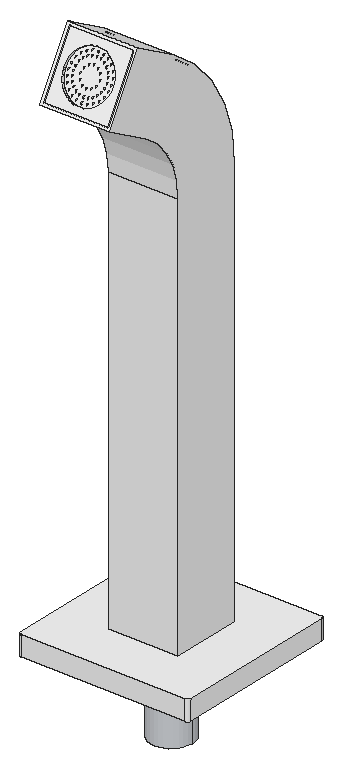
Revit family "Reece_Tap_Mizu_Bloc_Bath Outlet_200 mm", category Plumbing Fixtures, host Face, Revit 2018
Family settings
  Host = Face
  Round Connector Dimension = Use Diameter
  Part Type = Normal
  Cut with Voids When Loaded = No
  Shared = Yes
  Room Calculation Point = Yes
Parameters (values of type "Chrome")
  WFU = 0  # constant formula
  URL = "https://www.reece.com.au/product/-9503477"
  Type Comments = "Tap"
  Reece_Tap_Reach = 200 mm  # constant formula
  Reece_Tap_Inlet = 12.5 mm  # constant formula
  Reece_Product_Web Page = "https://www.reece.com.au/product/-9503477"
  Reece_Product_Type = "Tap"  # constant formula
  Reece_Product_Sub Brand = "Bloc"  # constant formula
  Reece_Product_Number = "9503477"
  Reece_Product_Mount = "Wall Mounted"
  Reece_Product_Description = "Mizu Bloc Bath Outlet 200mm Chrome"
  Reece_Product_Brand = "Mizu"  # constant formula
  Reece_Overall_Width = 61 mm  # constant formula
  Reece_Material-Main = Reece_Brass_Chrome
  Reece_Detail_Installation = ""
  Reece_Detail_Disclaimer = "THIS FILE IS THE PROPERTY OF THE REECE GROUP. IT MAY NOT BE REPRODUCED, REVERSE-ENGINEERED OR MODIFIED. ANY REPUBLICATION, TRANSMISSION OR DISTRIBUTION FOR THE PURPOSE OF COMMERCIALLY EXPLOITING THE FILES IS PROHIBITED."  # constant formula
  Reece_Detail_Connector = ""
  Reece_Detail_Additional = "Bath Outlet"  # constant formula
  Model = "Bloc"
  Manufacturer = "Mizu"
  Keynote = "Product #9503477, Reece_Tap_Mizu_Bloc_Bath Outlet_200 mm - Chrome"
  HWFU = 0  # constant formula
  Disclaimer = "THIS FILE IS THE PROPERTY OF THE REECE GROUP. IT MAY NOT BE REPRODUCED, REVERSE-ENGINEERED OR MODIFIED. ANY REPUBLICATION, TRANSMISSION OR DISTRIBUTION FOR THE PURPOSE OF COMMERCIALLY EXPLOITING THE FILES IS PROHIBITED."  # constant formula
  Description = "Mizu Bloc Bath Outlet 200mm Chrome"
  Default Elevation = 1000 mm
  CWFU = 0  # constant formula
Types (2, lengths in mm): name | Keynote
  (no name) | "Product #9503477, Reece_Tap_Mizu_Bloc_Bath Outlet_200 mm -  "
  Chrome | "Product #9503477, Reece_Tap_Mizu_Bloc_Bath Outlet_200 mm - Chrome"
Reference planes
  plane 1 "Center (Front/Back)": y = 0
  plane 2 "Bottom": z = 0
  plane 3 "Center (Left/Right)": x = 0
  plane 4 "Top": z = 200
  plane 5: x = -30.5
  plane 6: x = 30.5
  plane 7: y = 30.5
  plane 8: y = -30.5
  plane 9: z = 7.2
  plane 10: y = -37
  plane 11: y = 12.5
  plane 12: y = -12.5
  plane 13: x = -12.5
  plane 14: x = 12.5
  plane 15: through (0, -21.439, 190.915) normal (0, 0.496, 0.8683)
Forms (mm)
  Extrusion 1, solid, material "Reece_Brass_Chrome" <- "Reece_Material-Main"
    sketch origin (0, 0, 0) x (1, 0, 0) y (0, 1, 0)
      loop
        line (29.3, 30.5) -> (-29.3, 30.5)
        arc (-29.3, 30.5) -> (-30.149, 30.149) -> (-30.5, 29.3) r 1.2
        line (-30.5, 29.3) -> (-30.5, -29.3)
        arc (-30.5, -29.3) -> (-30.149, -30.149) -> (-29.3, -30.5) r 1.2
        line (-29.3, -30.5) -> (29.3, -30.5)
        arc (29.3, -30.5) -> (30.149, -30.149) -> (30.5, -29.3) r 1.2
        line (30.5, -29.3) -> (30.5, 29.3)
        arc (30.5, 29.3) -> (30.149, 30.149) -> (29.3, 30.5) r 1.2
    from 0 to 7.2
  Sweep 2, solid, material "Reece_Brass_Chrome" <- "Reece_Material-Main"
    path origin (0, 0, 0) x (0, 1, 0) y (0, 0, 1)
      loop
        line (0, 0) -> (0, 154.152)
        arc (0, 154.152) -> (-5.587, 175.131) -> (-20.868, 190.554) r 42.184
        line (-20.868, 190.554) -> (-37, 200)
    profile origin (0, 0, 77.076) x (0, -1, 0) y (1, 0, 0)
      loop
        line (-12.5, -12.5) -> (12.5, -12.5) -> (12.5, 12.5) -> (-12.5, 12.5) -> (-12.5, -12.5)
      loop
        line (-11.5, -11.5) -> (11.5, -11.5) -> (11.5, 11.5) -> (-11.5, 11.5) -> (-11.5, -11.5)
  Extrusion 3, void
    sketch origin (0, 0, 0) x (1, 0, 0) y (0, 1, 0)
      loop
        circle (0, 0) r 20
    from 7.2 to -15.87
  Extrusion 4, void
    sketch origin (0, 0, 0) x (1, 0, 0) y (0, 1, 0)
      loop
        line (10.5, 10.5) -> (-10.5, 10.5) -> (-10.5, -10.5) -> (10.5, -10.5) -> (10.5, 10.5)
    from -7.819 to 6.228
  Extrusion 5, solid, material "Reece_Brass_Chrome" <- "Reece_Material-Main"
    sketch origin (0, 0, 0) x (0, 1, 0) y (0, 0, 1)
      loop
        line (-31.055, 209.845) -> (-42.677, 189.998) -> (-40.951, 188.987) -> (-29.329, 208.835) -> (-31.055, 209.845)
    from -11.5 to 11.5
  Extrusion 6, void
    sketch origin (0, 190.525, 140.583) x (1, 0, 0) y (0, 0.495999, 0.868323)
      loop
        circle (0, -57.915) r 0.3
    from 223.944 to 250
  Extrusion 7, void
    sketch origin (0, 129.604, 33.932) x (-1, 0, 0) y (0, -0.495999, -0.868323)
      loop
        circle (0, -57.915) r 0.3
    from 223.944 to 250
  Extrusion 8, void
    sketch origin (30.576, 186.462, 133.47) x (0.866025, -0.247999, -0.434162) y (0.5, 0.429547, 0.75199)
      loop
        circle (0, -57.915) r 0.3
    from 223.944 to 250
  Extrusion 9, void
    sketch origin (53.093, 175.348, 114.014) x (0.5, -0.429547, -0.75199) y (0.866025, 0.247999, 0.434162)
      loop
        circle (0, -57.915) r 0.3
    from 223.944 to 250
  Extrusion 10, void
    sketch origin (61.408, 160.057, 87.243) x (0, -0.495999, -0.868323) y (1, 0, 0)
      loop
        circle (0, -57.915) r 0.3
    from 223.944 to 250
  Extrusion 11, void
    sketch origin (53.101, 144.775, 60.492) x (-0.5, -0.429547, -0.75199) y (0.866025, -0.247999, -0.434162)
      loop
        circle (0, -57.915) r 0.3
    from 223.944 to 250
  Extrusion 12, void
    sketch origin (30.593, 133.663, 41.038) x (-0.866025, -0.247999, -0.434162) y (0.5, -0.429547, -0.75199)
      loop
        circle (0, -57.915) r 0.3
    from 223.944 to 250
  Extrusion 13, void
    sketch origin (-30.576, 186.462, 133.47) x (-0.866025, -0.247999, -0.434162) y (0.5, -0.429547, -0.75199)
      loop
        circle (0, 57.915) r 0.3
    from 223.944 to 250
  Extrusion 14, void
    sketch origin (-53.093, 175.348, 114.014) x (-0.5, -0.429547, -0.75199) y (0.866025, -0.247999, -0.434162)
      loop
        circle (0, 57.915) r 0.3
    from 223.944 to 250
  Extrusion 15, void
    sketch origin (-61.408, 160.057, 87.243) x (0, -0.495999, -0.868323) y (1, 0, 0)
      loop
        circle (0, 57.915) r 0.3
    from 223.944 to 250
  Extrusion 16, void
    sketch origin (-53.101, 144.775, 60.492) x (0.5, -0.429547, -0.75199) y (0.866025, 0.247999, 0.434162)
      loop
        circle (0, 57.915) r 0.3
    from 223.944 to 250
  Extrusion 17, void
    sketch origin (-30.593, 133.663, 41.038) x (0.866025, -0.247999, -0.434162) y (0.5, 0.429547, 0.75199)
      loop
        circle (0, 57.915) r 0.3
    from 223.944 to 250
  Extrusion 18, void
    sketch origin (0, -87.197, -1.852) x (1, 0, 0) y (0, 0.495999, 0.868323)
      loop
        circle (0, 200) r 9
    from 55.54 to 61.58
  Extrusion 19, void
    sketch origin (0, 206.272, 132.954) x (1, 0, 0) y (0, 0.500368, 0.865813)
      loop
        circle (0, -57.834) r 0.3
    from 241.124 to 250
  Extrusion 20, void
    sketch origin (0, 142.391, 22.418) x (-1, 0, 0) y (0, -0.500368, -0.865813)
      loop
        circle (0, -57.834) r 0.3
    from 240.757 to 250
  Extrusion 21, void
    sketch origin (16.521, 205.184, 131.071) x (0.965926, -0.129505, -0.224089) y (0.258819, 0.483319, 0.836311)
      loop
        circle (0, -57.834) r 0.3
    from 241.124 to 250
  Extrusion 22, void
    sketch origin (31.917, 201.993, 125.55) x (0.866025, -0.250184, -0.432906) y (0.5, 0.433332, 0.749816)
      loop
        circle (0, -57.834) r 0.3
    from 241.124 to 250
  Extrusion 23, void
    sketch origin (45.137, 196.917, 116.766) x (0.707107, -0.353814, -0.612222) y (0.707107, 0.353814, 0.612222)
      loop
        circle (0, -57.834) r 0.3
    from 241.124 to 250
  Extrusion 24, void
    sketch origin (55.282, 190.302, 105.32) x (0.5, -0.433332, -0.749816) y (0.866025, 0.250184, 0.432906)
      loop
        circle (0, -57.834) r 0.3
    from 241.124 to 250
  Extrusion 25, void
    sketch origin (61.659, 182.599, 91.99) x (0.258819, -0.483319, -0.836311) y (0.965926, 0.129505, 0.224089)
      loop
        circle (0, -57.834) r 0.3
    from 241.11 to 250
  Extrusion 26, void
    sketch origin (63.834, 174.332, 77.686) x (0, -0.500368, -0.865813) y (1, 0, 0)
      loop
        circle (0, -57.834) r 0.3
    from 241.332 to 250
  Extrusion 27, void
    sketch origin (61.659, 166.065, 63.382) x (-0.258819, -0.483319, -0.836311) y (0.965926, -0.129505, -0.224089)
      loop
        circle (0, -57.834) r 0.3
    from 240.945 to 250
  Extrusion 28, void
    sketch origin (55.282, 158.362, 50.052) x (-0.5, -0.433332, -0.749816) y (0.866025, -0.250184, -0.432906)
      loop
        circle (0, -57.834) r 0.3
    from 240.889 to 250
  Extrusion 29, void
    sketch origin (45.137, 151.747, 38.606) x (-0.707107, -0.353814, -0.612222) y (0.707107, -0.353814, -0.612222)
      loop
        circle (0, -57.834) r 0.3
    from 240.788 to 250
  Extrusion 30, void
    sketch origin (31.917, 146.671, 29.823) x (-0.866025, -0.250184, -0.432906) y (0.5, -0.433332, -0.749816)
      loop
        circle (0, -57.834) r 0.3
    from 240.788 to 250
  Extrusion 31, void
    sketch origin (16.521, 143.48, 24.301) x (-0.965926, -0.129505, -0.224089) y (0.258819, -0.483319, -0.836311)
      loop
        circle (0, -57.834) r 0.3
    from 240.757 to 250
  Extrusion 32, void
    sketch origin (-16.521, 205.184, 131.071) x (-0.965926, -0.129505, -0.224089) y (0.258819, -0.483319, -0.836311)
      loop
        circle (0, 57.834) r 0.3
    from 241.124 to 250
  Extrusion 33, void
    sketch origin (-31.917, 201.993, 125.55) x (-0.866025, -0.250184, -0.432906) y (0.5, -0.433332, -0.749816)
      loop
        circle (0, 57.834) r 0.3
    from 241.124 to 250
  Extrusion 34, void
    sketch origin (-45.137, 196.917, 116.766) x (-0.707107, -0.353814, -0.612222) y (0.707107, -0.353814, -0.612222)
      loop
        circle (0, 57.834) r 0.3
    from 241.124 to 250
  Extrusion 35, void
    sketch origin (-55.282, 190.302, 105.32) x (-0.5, -0.433332, -0.749816) y (0.866025, -0.250184, -0.432906)
      loop
        circle (0, 57.834) r 0.3
    from 241.124 to 250
  Extrusion 36, void
    sketch origin (-61.659, 182.599, 91.99) x (-0.258819, -0.483319, -0.836311) y (0.965926, -0.129505, -0.224089)
      loop
        circle (0, 57.834) r 0.3
    from 241.11 to 250
  Extrusion 37, void
    sketch origin (-63.834, 174.332, 77.686) x (0, -0.500368, -0.865813) y (1, 0, 0)
      loop
        circle (0, 57.834) r 0.3
    from 241.332 to 250
  Extrusion 38, void
    sketch origin (-61.659, 166.065, 63.382) x (0.258819, -0.483319, -0.836311) y (0.965926, 0.129505, 0.224089)
      loop
        circle (0, 57.834) r 0.3
    from 240.945 to 250
  Extrusion 39, void
    sketch origin (-55.282, 158.362, 50.052) x (0.5, -0.433332, -0.749816) y (0.866025, 0.250184, 0.432906)
      loop
        circle (0, 57.834) r 0.3
    from 240.889 to 250
  Extrusion 40, void
    sketch origin (-45.137, 151.747, 38.606) x (0.707107, -0.353814, -0.612222) y (0.707107, 0.353814, 0.612222)
      loop
        circle (0, 57.834) r 0.3
    from 240.788 to 250
  Extrusion 41, void
    sketch origin (-31.917, 146.671, 29.823) x (0.866025, -0.250184, -0.432906) y (0.5, 0.433332, 0.749816)
      loop
        circle (0, 57.834) r 0.3
    from 240.788 to 250
  Extrusion 42, void
    sketch origin (-16.521, 143.48, 24.301) x (0.965926, -0.129505, -0.224089) y (0.258819, 0.483319, 0.836311)
      loop
        circle (0, 57.834) r 0.3
    from 240.757 to 250
  Extrusion 43, void
    sketch origin (16.313, 205.266, 126.365) x (0.965926, -0.132367, -0.22241) y (0.258819, 0.494, 0.830046)
      loop
        circle (0, -55.359) r 0.3
    from 241.124 to 250
  Extrusion 44, void
    sketch origin (31.514, 202.046, 120.954) x (0.866025, -0.255713, -0.429663) y (0.5, 0.442909, 0.744199)
      loop
        circle (0, -55.359) r 0.3
    from 241.124 to 250
  Extrusion 45, void
    sketch origin (44.568, 196.923, 112.346) x (0.707107, -0.361633, -0.607636) y (0.707107, 0.361633, 0.607636)
      loop
        circle (0, -55.359) r 0.3
    from 241.124 to 250
  Extrusion 46, void
    sketch origin (0, 206.364, 128.21) x (-1, 0, 0) y (0, -0.511427, -0.859327)
      loop
        circle (0, 55.359) r 0.3
    from 241.124 to 250
  Extrusion 47, void
    sketch origin (-16.313, 205.266, 126.365) x (-0.965926, -0.132367, -0.22241) y (0.258819, -0.494, -0.830046)
      loop
        circle (0, 55.359) r 0.3
    from 241.124 to 250
  Extrusion 48, void
    sketch origin (-63.028, 174.13, 74.048) x (0, 0.511427, 0.859327) y (-1, 0, 0)
      loop
        circle (0, -55.359) r 0.3
    from 241.124 to 250
  Extrusion 49, void
    sketch origin (-31.514, 202.046, 120.954) x (0.866025, 0.255713, 0.429663) y (-0.5, 0.442909, 0.744199)
      loop
        circle (0, -55.359) r 0.3
    from 241.124 to 250
  Extrusion 50, void
    sketch origin (-60.88, 165.787, 60.03) x (-0.258819, 0.494, 0.830046) y (-0.965926, -0.132367, -0.22241)
      loop
        circle (0, -55.359) r 0.3
    from 241.124 to 250
  Extrusion 51, void
    sketch origin (-60.88, 182.473, 88.066) x (0.258819, 0.494, 0.830046) y (-0.965926, 0.132367, 0.22241)
      loop
        circle (0, -55.359) r 0.3
    from 241.124 to 250
  Extrusion 52, void
    sketch origin (-54.584, 190.247, 101.129) x (0.5, 0.442909, 0.744199) y (-0.866025, 0.255713, 0.429663)
      loop
        circle (0, -55.359) r 0.3
    from 241.124 to 250
  Extrusion 53, void
    sketch origin (-44.568, 196.923, 112.346) x (0.707107, 0.361633, 0.607636) y (-0.707107, 0.361633, 0.607636)
      loop
        circle (0, -55.359) r 0.3
    from 241.124 to 250
  Extrusion 54, void
    sketch origin (-44.568, 151.337, 35.75) x (-0.707107, 0.361633, 0.607636) y (-0.707107, -0.361633, -0.607636)
      loop
        circle (0, -55.359) r 0.3
    from 241.124 to 250
  Extrusion 55, void
    sketch origin (54.584, 190.247, 101.129) x (0.5, -0.442909, -0.744199) y (0.866025, 0.255713, 0.429663)
      loop
        circle (0, -55.359) r 0.3
    from 241.124 to 250
  Extrusion 56, void
    sketch origin (-54.584, 158.013, 46.967) x (-0.5, 0.442909, 0.744199) y (-0.866025, -0.255713, -0.429663)
      loop
        circle (0, -55.359) r 0.3
    from 241.124 to 250
  Extrusion 57, void
    sketch origin (60.88, 182.473, 88.066) x (0.258819, -0.494, -0.830046) y (0.965926, 0.132367, 0.22241)
      loop
        circle (0, -55.359) r 0.3
    from 241.124 to 250
  Extrusion 58, void
    sketch origin (63.028, 174.13, 74.048) x (0, -0.511427, -0.859327) y (1, 0, 0)
      loop
        circle (0, -55.359) r 0.3
    from 241.124 to 250
  Extrusion 59, void
    sketch origin (60.88, 165.787, 60.03) x (-0.258819, -0.494, -0.830046) y (0.965926, -0.132367, -0.22241)
      loop
        circle (0, -55.359) r 0.3
    from 241.124 to 250
  Extrusion 60, void
    sketch origin (54.584, 158.013, 46.967) x (-0.5, -0.442909, -0.744199) y (0.866025, -0.255713, -0.429663)
      loop
        circle (0, -55.359) r 0.3
    from 241.124 to 250
  Extrusion 61, void
    sketch origin (44.568, 151.337, 35.75) x (-0.707107, -0.361633, -0.607636) y (0.707107, -0.361633, -0.607636)
      loop
        circle (0, -55.359) r 0.3
    from 241.124 to 250
  Extrusion 62, void
    sketch origin (31.514, 146.214, 27.143) x (-0.866025, -0.255713, -0.429663) y (0.5, -0.442909, -0.744199)
      loop
        circle (0, -55.359) r 0.3
    from 241.124 to 250
  Extrusion 63, void
    sketch origin (16.313, 142.994, 21.732) x (-0.965926, -0.132367, -0.22241) y (0.258819, -0.494, -0.830046)
      loop
        circle (0, -55.359) r 0.3
    from 241.124 to 250
  Extrusion 64, void
    sketch origin (0, 141.896, 19.887) x (-1, 0, 0) y (0, -0.511427, -0.859327)
      loop
        circle (0, -55.359) r 0.3
    from 241.124 to 250
  Extrusion 65, void
    sketch origin (-16.313, 142.994, 21.732) x (-0.965926, 0.132367, 0.22241) y (-0.258819, -0.494, -0.830046)
      loop
        circle (0, -55.359) r 0.3
    from 241.124 to 250
  Extrusion 66, void
    sketch origin (-31.514, 146.214, 27.143) x (-0.866025, 0.255713, 0.429663) y (-0.5, -0.442909, -0.744199)
      loop
        circle (0, -55.359) r 0.3
    from 241.124 to 250
  Revolve 67, solid
    sketch origin (100.792, -0.025, -0.807) x (1, 0, 0) y (0, 0, 1)
      loop
        line (-93.216, -27.341) -> (-93.216, -10.2) -> (-91.918, -8.9) -> (-91.918, -4.355) -> (-90.623, -4.355) -> (-90.623, 6.627) -> (-100.792, 6.627) -> (-100.792, -27.341) -> (-93.216, -27.341)
      axis (-100.792, 6.627) -> (-100.792, -27.341)
    angle from 0 to 360
Cuts and joins
  Extrusion 4 cuts Extrusion 1
  Extrusion 11, Extrusion 24 cuts Sweep 2
  joined: Extrusion 1, Sweep 2
  Extrusion 6, Extrusion 7, Extrusion 8, Extrusion 9, Extrusion 10, Extrusion 11, Extrusion 12, Extrusion 13, Extrusion 14, Extrusion 15, Extrusion 16, Extrusion 17, Extrusion 18, Extrusion 19, Extrusion 20, Extrusion 21, Extrusion 22, Extrusion 23, Extrusion 24, Extrusion 25, Extrusion 26, Extrusion 27, Extrusion 28, Extrusion 29, Extrusion 30, Extrusion 31, Extrusion 32, Extrusion 33, Extrusion 34, Extrusion 35, Extrusion 36, Extrusion 37, Extrusion 38, Extrusion 39, Extrusion 40, Extrusion 41, Extrusion 42, Extrusion 43, Extrusion 44, Extrusion 45, Extrusion 46, Extrusion 47, Extrusion 48, Extrusion 49, Extrusion 50, Extrusion 51, Extrusion 52, Extrusion 53, Extrusion 54, Extrusion 55, Extrusion 56, Extrusion 57, Extrusion 58, Extrusion 59, Extrusion 60, Extrusion 61, Extrusion 62, Extrusion 63, Extrusion 64, Extrusion 65, Extrusion 66 cuts Extrusion 5
Text (mm)
  text "Reece Copyright © 2018, Reece Ltd." at (12.443, -188.077, 0), in view "Ref. Level"
  text "Reece ©" at (44.384, 258.95, 192.345), in view "Reece Preview"
Dimensions and locks
  "Reece_Overall_Width": plane 5 to plane 6
  plane 7 to plane 8 = 61 mm  (x2)
  plane 9 to plane 2 "Bottom" = 7.2 mm  (x3)
  plane 1 "Center (Front/Back)" to plane 10 = 37 mm
  plane 6 to plane 5 = 61 mm
  plane 14 to plane 13 = 25 mm
  "Reece_Tap_Reach": plane 4 "Top" to plane 2 "Bottom"  (x2)
  plane 2 "Bottom" to plane 4 "Top" = 200 mm
  plane 2 "Bottom" to plane 9 = 7.2 mm
  plane 11 to plane 12 = 25 mm
  plane 10 to plane 1 "Center (Front/Back)" = 37 mm
  plane 8 to plane 7 = 61 mm
  plane 12 to plane 11 = 25 mm
  plane 5 to plane 6 = 61 mm
  plane 13 to plane 14 = 25 mm
  aligned and locked: plane 2 "Bottom" to host face
  aligned and locked: level to host face
  aligned and locked: plane 9 to Extrusion 1
Automatic sketch dimensions
  host sketch curve to host sketch curve = 380.785 mm
  host sketch curve to host sketch curve = 317.421 mm
  Extrusion 1 sketch curve to plane 5 = 0 mm
  plane 8 to Extrusion 1 sketch curve = 0 mm
  Extrusion 1 sketch curve to plane 7 = 0 mm
  Extrusion 1 sketch curve to plane 6 = 0 mm
  Extrusion 1 sketch curve to plane 5 = 1.2 mm  (x2)
  Extrusion 1 sketch curve to plane 6 = 1.2 mm  (x2)
  Sweep 2 sketch curve to plane 4 "Top" = 0 mm
  Sweep 2 sketch curve to plane 10 = 0 mm
  Sweep 2 sketch curve to plane 1 "Center (Front/Back)" = 0 mm
  level to Sweep 2 sketch curve = 0 mm
  Sweep 2 sketch curve to plane 10 = 5.184 mm
  Sweep 2 sketch curve to plane 12 = 8.368 mm
  Sweep 2 sketch curve to plane 4 "Top" = 45.848 mm
  profile plane to Sweep 2 sketch curve = 12.5 mm
  Sweep 2 sketch curve to Sweep 2 sketch curve = 1 mm  (x4)
  Sweep 2 sketch curve to profile plane = 11.5 mm
  Sweep 2 sketch curve to plane 3 "Center (Left/Right)" = 12.5 mm
  plane 3 "Center (Left/Right)" to Sweep 2 sketch curve = 11.5 mm
  Extrusion 4 sketch curve to plane 13 = 2 mm
  Extrusion 4 sketch curve to plane 14 = 2 mm
  plane 12 to Extrusion 4 sketch curve = 2 mm
  plane 11 to Extrusion 4 sketch curve = 2 mm
  Extrusion 5 sketch curve to plane 10 = 5.677 mm
  Extrusion 5 sketch curve to Extrusion 5 sketch curve = 1.726 mm
  plane 8 to Extrusion 5 sketch curve = 0.555 mm
  Extrusion 5 sketch curve to plane 4 "Top" = 11.013 mm
  Extrusion 5 sketch curve to Extrusion 5 sketch curve = 1.011 mm
  Extrusion 6 sketch curve to plane 3 "Center (Left/Right)" = 0 mm
  plane 15 to Extrusion 6 sketch curve = 3.514 mm
  Extrusion 7 sketch curve to plane 3 "Center (Left/Right)" = 0 mm
  Extrusion 7 sketch curve to plane 15 = 3.48 mm
  plane 3 "Center (Left/Right)" to Extrusion 8 sketch curve = 1.619 mm
  plane 15 to Extrusion 8 sketch curve = 3.081 mm
  plane 15 to Extrusion 9 sketch curve = 1.874 mm
  plane 3 "Center (Left/Right)" to Extrusion 9 sketch curve = 2.937 mm
  plane 15 to Extrusion 10 sketch curve = 0.001 mm
  plane 3 "Center (Left/Right)" to Extrusion 10 sketch curve = 3.493 mm
  Extrusion 11 sketch curve to plane 15 = 1.85 mm
  plane 3 "Center (Left/Right)" to Extrusion 11 sketch curve = 2.945 mm
  plane 3 "Center (Left/Right)" to Extrusion 12 sketch curve = 1.635 mm
  Extrusion 12 sketch curve to plane 15 = 3.056 mm
  Extrusion 13 sketch curve to plane 3 "Center (Left/Right)" = 1.619 mm
  plane 15 to Extrusion 13 sketch curve = 3.081 mm
  plane 15 to Extrusion 14 sketch curve = 1.874 mm
  Extrusion 14 sketch curve to plane 3 "Center (Left/Right)" = 2.937 mm
  plane 15 to Extrusion 15 sketch curve = 0.001 mm
  Extrusion 15 sketch curve to plane 3 "Center (Left/Right)" = 3.493 mm
  Extrusion 16 sketch curve to plane 15 = 1.85 mm
  Extrusion 16 sketch curve to plane 3 "Center (Left/Right)" = 2.945 mm
  Extrusion 17 sketch curve to plane 3 "Center (Left/Right)" = 1.635 mm
  Extrusion 17 sketch curve to plane 15 = 3.056 mm
  Extrusion 18 sketch curve to plane 3 "Center (Left/Right)" = 0 mm
  Extrusion 18 sketch curve to plane 15 = 0 mm
  Extrusion 19 sketch curve to plane 3 "Center (Left/Right)" = 0 mm
  Extrusion 20 sketch curve to plane 3 "Center (Left/Right)" = 0 mm
  plane 3 "Center (Left/Right)" to Extrusion 21 sketch curve = 1.553 mm
  plane 3 "Center (Left/Right)" to Extrusion 22 sketch curve = 3 mm
  plane 3 "Center (Left/Right)" to Extrusion 23 sketch curve = 4.243 mm
  plane 3 "Center (Left/Right)" to Extrusion 24 sketch curve = 5.196 mm
  plane 3 "Center (Left/Right)" to Extrusion 25 sketch curve = 5.796 mm
  plane 3 "Center (Left/Right)" to Extrusion 26 sketch curve = 6 mm
  plane 3 "Center (Left/Right)" to Extrusion 27 sketch curve = 5.796 mm
  plane 3 "Center (Left/Right)" to Extrusion 28 sketch curve = 5.196 mm
  plane 3 "Center (Left/Right)" to Extrusion 29 sketch curve = 4.243 mm
  plane 3 "Center (Left/Right)" to Extrusion 30 sketch curve = 3 mm
  plane 3 "Center (Left/Right)" to Extrusion 31 sketch curve = 1.553 mm
  Extrusion 32 sketch curve to plane 3 "Center (Left/Right)" = 1.553 mm
  Extrusion 33 sketch curve to plane 3 "Center (Left/Right)" = 3 mm
  Extrusion 34 sketch curve to plane 3 "Center (Left/Right)" = 4.243 mm
  Extrusion 35 sketch curve to plane 3 "Center (Left/Right)" = 5.196 mm
  Extrusion 36 sketch curve to plane 3 "Center (Left/Right)" = 5.796 mm
  Extrusion 37 sketch curve to plane 3 "Center (Left/Right)" = 6 mm
  Extrusion 38 sketch curve to plane 3 "Center (Left/Right)" = 5.796 mm
  Extrusion 39 sketch curve to plane 3 "Center (Left/Right)" = 5.196 mm
  Extrusion 40 sketch curve to plane 3 "Center (Left/Right)" = 4.243 mm
  Extrusion 41 sketch curve to plane 3 "Center (Left/Right)" = 3 mm
  Extrusion 42 sketch curve to plane 3 "Center (Left/Right)" = 1.553 mm
  plane 3 "Center (Left/Right)" to Extrusion 43 sketch curve = 1.985 mm
  plane 3 "Center (Left/Right)" to Extrusion 44 sketch curve = 3.835 mm
  plane 3 "Center (Left/Right)" to Extrusion 45 sketch curve = 5.423 mm
  Extrusion 46 sketch curve to plane 3 "Center (Left/Right)" = 0 mm
  Extrusion 47 sketch curve to plane 3 "Center (Left/Right)" = 1.985 mm
  Extrusion 48 sketch curve to plane 13 = 4.831 mm
  Extrusion 49 sketch curve to plane 3 "Center (Left/Right)" = 3.835 mm
  Extrusion 50 sketch curve to plane 13 = 5.092 mm
  Extrusion 51 sketch curve to plane 13 = 5.092 mm
  Extrusion 52 sketch curve to plane 13 = 5.858 mm
  Extrusion 53 sketch curve to plane 3 "Center (Left/Right)" = 5.423 mm
  Extrusion 54 sketch curve to plane 3 "Center (Left/Right)" = 5.423 mm
  Extrusion 55 sketch curve to plane 14 = 5.858 mm
  Extrusion 56 sketch curve to plane 13 = 5.858 mm
  Extrusion 57 sketch curve to plane 14 = 5.092 mm
  Extrusion 58 sketch curve to plane 14 = 4.831 mm
  Extrusion 59 sketch curve to plane 14 = 5.092 mm
  Extrusion 60 sketch curve to plane 14 = 5.858 mm
  plane 3 "Center (Left/Right)" to Extrusion 61 sketch curve = 5.423 mm
  plane 3 "Center (Left/Right)" to Extrusion 62 sketch curve = 3.835 mm
  plane 3 "Center (Left/Right)" to Extrusion 63 sketch curve = 1.985 mm
  Extrusion 64 sketch curve to plane 3 "Center (Left/Right)" = 0 mm
  Extrusion 65 sketch curve to plane 3 "Center (Left/Right)" = 1.985 mm
  Extrusion 66 sketch curve to plane 3 "Center (Left/Right)" = 3.835 mm
  Revolve 67 sketch curve to plane 3 "Center (Left/Right)" = 0 mm  (x2)
  Revolve 67 sketch curve to plane 14 = 4.924 mm
  Revolve 67 sketch curve to plane 14 = 3.626 mm
  Revolve 67 sketch curve to plane 14 = 2.331 mm  (x2)
  Revolve 67 sketch curve to level = 28.149 mm
  Revolve 67 sketch curve to level = 11.007 mm
  Revolve 67 sketch curve to Revolve 67 sketch curve = 1.3 mm
  Revolve 67 sketch curve to level = 5.162 mm
  Revolve 67 sketch curve to plane 9 = 1.38 mm
  Revolve 67 sketch curve to Revolve 67 sketch curve = 11.547 mm
  plane 9 to Revolve 67 sketch curve = 21.784 mm
  plane 1 "Center (Front/Back)" to Extrusion 3 sketch curve = 0 mm
  Extrusion 3 sketch curve to plane 3 "Center (Left/Right)" = 0 mm
  radius of Extrusion 6 sketch curve = 0.3 mm
  radius of Extrusion 7 sketch curve = 0.3 mm
  radius of Extrusion 8 sketch curve = 0.3 mm
  radius of Extrusion 9 sketch curve = 0.3 mm
  radius of Extrusion 10 sketch curve = 0.3 mm
  radius of Extrusion 11 sketch curve = 0.3 mm
  radius of Extrusion 12 sketch curve = 0.3 mm
  radius of Extrusion 13 sketch curve = 0.3 mm
  radius of Extrusion 14 sketch curve = 0.3 mm
  radius of Extrusion 15 sketch curve = 0.3 mm
  radius of Extrusion 16 sketch curve = 0.3 mm
  radius of Extrusion 17 sketch curve = 0.3 mm
  radius of Extrusion 18 sketch curve = 9 mm
  radius of Extrusion 19 sketch curve = 0.3 mm
  radius of Extrusion 20 sketch curve = 0.3 mm
  radius of Extrusion 21 sketch curve = 0.3 mm
  radius of Extrusion 22 sketch curve = 0.3 mm
  radius of Extrusion 23 sketch curve = 0.3 mm
  radius of Extrusion 24 sketch curve = 0.3 mm
  radius of Extrusion 25 sketch curve = 0.3 mm
  radius of Extrusion 26 sketch curve = 0.3 mm
  radius of Extrusion 27 sketch curve = 0.3 mm
  radius of Extrusion 28 sketch curve = 0.3 mm
  radius of Extrusion 29 sketch curve = 0.3 mm
  radius of Extrusion 30 sketch curve = 0.3 mm
  radius of Extrusion 31 sketch curve = 0.3 mm
  radius of Extrusion 32 sketch curve = 0.3 mm
  radius of Extrusion 33 sketch curve = 0.3 mm
  radius of Extrusion 34 sketch curve = 0.3 mm
  radius of Extrusion 35 sketch curve = 0.3 mm
  radius of Extrusion 36 sketch curve = 0.3 mm
  radius of Extrusion 37 sketch curve = 0.3 mm
  radius of Extrusion 38 sketch curve = 0.3 mm
  radius of Extrusion 39 sketch curve = 0.3 mm
  radius of Extrusion 40 sketch curve = 0.3 mm
  radius of Extrusion 41 sketch curve = 0.3 mm
  radius of Extrusion 42 sketch curve = 0.3 mm
  radius of Extrusion 43 sketch curve = 0.3 mm
  radius of Extrusion 44 sketch curve = 0.3 mm
  radius of Extrusion 45 sketch curve = 0.3 mm
  radius of Extrusion 46 sketch curve = 0.3 mm
  radius of Extrusion 47 sketch curve = 0.3 mm
  radius of Extrusion 48 sketch curve = 0.3 mm
  radius of Extrusion 49 sketch curve = 0.3 mm
  radius of Extrusion 50 sketch curve = 0.3 mm
  radius of Extrusion 51 sketch curve = 0.3 mm
  radius of Extrusion 52 sketch curve = 0.3 mm
  radius of Extrusion 53 sketch curve = 0.3 mm
  radius of Extrusion 54 sketch curve = 0.3 mm
  radius of Extrusion 55 sketch curve = 0.3 mm
  radius of Extrusion 56 sketch curve = 0.3 mm
  radius of Extrusion 57 sketch curve = 0.3 mm
  radius of Extrusion 58 sketch curve = 0.3 mm
  radius of Extrusion 59 sketch curve = 0.3 mm
  radius of Extrusion 60 sketch curve = 0.3 mm
  radius of Extrusion 61 sketch curve = 0.3 mm
  radius of Extrusion 62 sketch curve = 0.3 mm
  radius of Extrusion 63 sketch curve = 0.3 mm
  radius of Extrusion 64 sketch curve = 0.3 mm
  radius of Extrusion 65 sketch curve = 0.3 mm
  radius of Extrusion 66 sketch curve = 0.3 mm
  radius of Extrusion 3 sketch curve = 20 mm
Connectors
  piping at (0, -0.025, 5.82), diameter 12.5, driven by "Reece_Tap_Inlet"
    settings: on Revolve 67, index 1, connector inside diameter 609.6 mm, connector length 0 mm, flow factor 0, pipe flow 0.0 L/s, pressure drop 0.0 Pa, fitting loss kfactor 0, connector angle 0.00°, fixture units 0, engagement length 0 mm, angle of deflection 0.00°, flow configuration 0, flow direction 1, fitting loss method 0, system type 29, joint type 0, gender type 0, connector reference index -1, connector utility 0, adjustable connector no, is connector primary yes, connector description ""
